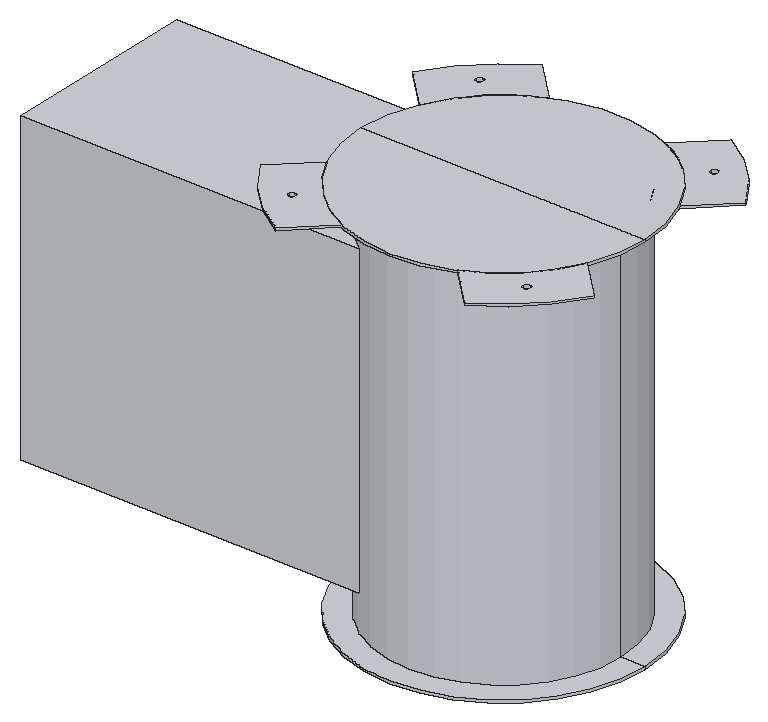
Revit family "VAHB_Upblast_Ceiling_Mount", category Mechanical Equipment, Revit 2019
Family settings
  Round Connector Dimension = Use Radius
  Part Type = Normal
  Work Plane-Based = No
  Always vertical = Yes
  Cut with Voids When Loaded = No
  Shared = No
  Room Calculation Point = No
Parameters (values of type "12_VAHB_UPBLAST_CEILING")
  Unit Weight [instance] = ""
  ModelID [instance] = ""
  L/2 = L / 2  # 0' - 6 3/32"
  J/2 = J / 2  # 0' - 8 5/8"
  J-A = J - A  # 0' - 5 1/4"
  J = 1' - 5 1/4"
  K/2 = K / 2  # 0' - 0 3/16"
  K = 0' - 0 3/8"
  L-(C/2) = L - (C / 2)  # 0' - 5 1/2"
  L = 1' - 0 3/16"
  H-(A/2) = H - (A / 2)  # 1' - 3"
  H+L = H + L  # 2' - 9 3/16"
  H = 1' - 9"
  Sones [instance] = ""
  Motor RPM [instance] = ""
  Motor Enclosure [instance] = ""
  LwA [instance] = ""
  G = 6' - 0"
  Fan RPM [instance] = ""
  F/2 = F / 2  # 0' - 0 5/32"
  F = 0' - 0 5/16"
  E/2 = E / 2  # 0' - 10"
  E-2" = E - 0' 2"  # 1' - 6"
  E-.125" = E - 0' 0 1/8"  # 1' - 7 7/8"
  E = 1' - 8"
  C/2+L = C / 2 + L  # 1' - 6 7/8"
  C/2 = C / 2  # 0' - 6 11/16"
  C = 1' - 1 3/8"
  B/2 = B / 2  # 0' - 7 3/8"
  B = 1' - 2 3/4"
  Accessories [instance] = ""
  A/3 = A / 2.5  # 0' - 4.8"
  A/2 = A / 2  # 0' - 6"
  A = 1' - 0"
  60 = 60.00°  # constant formula
  45 = 45.00°
  30 = 30.00°  # constant formula
  3" = 0' - 3"  # constant formula
  Brake Hp [instance] = ""
  4" = 0' - 4"  # constant formula
  2' = 2' - 0"
  2" = 0' - 2"  # constant formula
  1" = 0' - 1"  # constant formula
  0 = 0' - 0"  # constant formula
  Voltage [instance] = 0 V
  URL = "www.lorencook.com"
  Type Comments = "Fixed Pitch Vane Axial Upblast Ceiling Mount Belt Drive Arrangement 9"  # constant formula
  Static Pressure [instance] = 0.00 in-wg
  Power [instance] = Voltage * Motor FLA * sqrt(if(Phase = 3, 3, 1))  # 0 VA
  Phase [instance] = 0
  Number of Poles [instance] = 1
  Motor Hp [instance] = "0"
  Motor FLA [instance] = 0 A
  Model = "VAHB"  # constant formula
  Manufacturer = "Loren Cook Company"
  CFM [instance] = 0 CFM
  1.5 = 0' - 1 1/2"  # constant formula
  ONE EIGTH = 0' - 0 1/8"  # constant formula
  -E/2 = -E / 2  # -0' - 10"
  -(E-.25")/2 = -(E - 0' 0 1/4") / 2  # -0' - 9 7/8"
  (L/2)-1" = (L / 2) - 0' 1"  # 0' - 5 3/32"
  (J-A)/2 = (J - A) / 2  # 0' - 2 5/8"
  (J+(J-A))/2 = (J + (J / 2 - A / 2)) / 2  # 0' - 9 15/16"
  (H-(A/2))/2 = (H - (A / 2)) / 2  # 0' - 7 1/2"
  (E-.25")/2 = (E - 0' 0 1/4") / 2  # 0' - 9 7/8"
  (A+.25")/2 = (A + 0' 0 1/4") / 2  # 0' - 6 1/8"
Types (12): name | L/2 | J/2 | J-A | J | K/2 | K | L-(C/2) | L | H-(A/2) | H+L | H | G | F/2 | F | E/2 | E-2" | E-.125" | E | C/2+L | C/2 | C | B/2 | B | A/3 | A/2 | A | -E/2 | -(E-.25")/2 | (L/2)-1" | (J-A)/2 | (J+(J-A))/2 | (H-(A/2))/2 | (E-.25")/2 | (A+.25")/2
  (no name) | 0' - 6 3/32" | 0' - 8 5/8" | 0' - 5 1/4" | 1' - 5 1/4" | 0' - 0 3/16" | 0' - 0 3/8" | 0' - 5 1/2" | 1' - 0 3/16" | 1' - 3" | 2' - 9 3/16" | 1' - 9" | 6' - 0" | 0' - 0 5/32" | 0' - 0 5/16" | 0' - 10" | 1' - 6" | 1' - 7 7/8" | 1' - 8" | 1' - 6 7/8" | 0' - 6 11/16" | 1' - 1 3/8" | 0' - 7 3/8" | 1' - 2 3/4" | 0' - 4.8" | 0' - 6" | 1' - 0" | -0' - 10" | -0' - 9 7/8" | 0' - 5 3/32" | 0' - 2 5/8" | 0' - 9 15/16" | 0' - 7 1/2" | 0' - 9 7/8" | 0' - 6 1/8"
  12_VAHB_UPBLAST_CEILING | 0' - 6 3/32" | 0' - 8 5/8" | 0' - 5 1/4" | 1' - 5 1/4" | 0' - 0 3/16" | 0' - 0 3/8" | 0' - 5 1/2" | 1' - 0 3/16" | 1' - 3" | 2' - 9 3/16" | 1' - 9" | 6' - 0" | 0' - 0 5/32" | 0' - 0 5/16" | 0' - 10" | 1' - 6" | 1' - 7 7/8" | 1' - 8" | 1' - 6 7/8" | 0' - 6 11/16" | 1' - 1 3/8" | 0' - 7 3/8" | 1' - 2 3/4" | 0' - 4.8" | 0' - 6" | 1' - 0" | -0' - 10" | -0' - 9 7/8" | 0' - 5 3/32" | 0' - 2 5/8" | 0' - 9 15/16" | 0' - 7 1/2" | 0' - 9 7/8" | 0' - 6 1/8"
  14_VAHB_UPBLAST_CEILING | 0' - 6 13/16" | 0' - 9 5/8" | 0' - 5 1/4" | 1' - 7 1/4" | 0' - 0 3/16" | 0' - 0 3/8" | 0' - 5 7/8" | 1' - 1 5/8" | 1' - 5" | 3' - 1 5/8" | 2' - 0" | 6' - 0" | 0' - 0 5/32" | 0' - 0 5/16" | 0' - 11 1/2" | 1' - 9" | 1' - 10 7/8" | 1' - 11" | 1' - 9 3/8" | 0' - 7 3/4" | 1' - 3 1/2" | 0' - 8 3/8" | 1' - 4 3/4" | 0' - 5.6" | 0' - 7" | 1' - 2" | -0' - 11 1/2" | -0' - 11 3/8" | 0' - 5 13/16" | 0' - 2 5/8" | 0' - 10 15/16" | 0' - 8 1/2" | 0' - 11 3/8" | 0' - 7 1/8"
  18_VAHB_UPBLAST_CEILING | 0' - 8 7/32" | 0' - 11 5/8" | 0' - 5 1/4" | 1' - 11 1/4" | 0' - 0 3/16" | 0' - 0 3/8" | 0' - 6 9/16" | 1' - 4 7/16" | 1' - 6 1/4" | 3' - 7 11/16" | 2' - 3 1/4" | 12' - 0" | 0' - 0 7/32" | 0' - 0 7/16" | 1' - 2 1/2" | 2' - 3" | 2' - 4 7/8" | 2' - 5" | 2' - 2 5/16" | 0' - 9 7/8" | 1' - 7 3/4" | 0' - 10 5/8" | 1' - 9 1/4" | 0' - 7.2" | 0' - 9" | 1' - 6" | -1' - 2 1/2" | -1' - 2 3/8" | 0' - 7 7/32" | 0' - 2 5/8" | 1' - 0 15/16" | 0' - 9 1/8" | 1' - 2 3/8" | 0' - 9 1/8"
  21_VAHB_UPBLAST_CEILING | 0' - 9 9/32" | 1' - 1 1/8" | 0' - 5 1/4" | 2' - 2 1/4" | 0' - 0 3/16" | 0' - 0 3/8" | 0' - 7 3/16" | 1' - 6 9/16" | 1' - 9" | 4' - 2 1/16" | 2' - 7 1/2" | 12' - 0" | 0' - 0 7/32" | 0' - 0 7/16" | 1' - 3 1/2" | 2' - 5" | 2' - 6 7/8" | 2' - 7" | 2' - 5 15/16" | 0' - 11 3/8" | 1' - 10 3/4" | 1' - 0 1/8" | 2' - 0 1/4" | 0' - 8.4" | 0' - 10 1/2" | 1' - 9" | -1' - 3 1/2" | -1' - 3 3/8" | 0' - 8 9/32" | 0' - 2 5/8" | 1' - 2 7/16" | 0' - 10 1/2" | 1' - 3 3/8" | 0' - 10 5/8"
  26_VAHB_UPBLAST_CEILING | 0' - 11 3/32" | 1' - 3 11/16" | 0' - 5 3/8" | 2' - 7 3/8" | 0' - 0 3/16" | 0' - 0 3/8" | 0' - 8 3/16" | 1' - 10 3/16" | 1' - 9 1/2" | 4' - 8 11/16" | 2' - 10 1/2" | 12' - 0" | 0' - 0 7/32" | 0' - 0 7/16" | 1' - 4" | 2' - 6" | 2' - 7 7/8" | 2' - 8" | 3' - 0 3/16" | 1' - 2" | 2' - 4" | 1' - 3 5/32" | 2' - 6 5/16" | 0' - 10.4" | 1' - 1" | 2' - 2" | -1' - 4" | -1' - 3 7/8" | 0' - 10 3/32" | 0' - 2 11/16" | 1' - 5 1/32" | 0' - 10 3/4" | 1' - 3 7/8" | 1' - 1 1/8"
  29_VAHB_UPBLAST_CEILING | 1' - 0 1/2" | 1' - 5 11/16" | 0' - 6 3/8" | 2' - 11 3/8" | 0' - 0 7/32" | 0' - 0 7/16" | 0' - 9 1/2" | 2' - 1" | 2' - 2" | 5' - 5 1/2" | 3' - 4 1/2" | 12' - 0" | 0' - 0 7/32" | 0' - 0 7/16" | 1' - 6" | 2' - 10" | 2' - 11 7/8" | 3' - 0" | 3' - 4 1/2" | 1' - 3 1/2" | 2' - 7" | 1' - 4 21/32" | 2' - 9 5/16" | 0' - 11.6" | 1' - 2 1/2" | 2' - 5" | -1' - 6" | -1' - 5 7/8" | 0' - 11 1/2" | 0' - 3 3/16" | 1' - 7 9/32" | 1' - 1" | 1' - 5 7/8" | 1' - 2 5/8"
  36_VAHB_UPBLAST_CEILING | 1' - 3 11/32" | 1' - 9 11/16" | 0' - 7 3/8" | 3' - 7 3/8" | 0' - 0 7/32" | 0' - 0 7/16" | 0' - 11 11/16" | 2' - 6 11/16" | 2' - 3 1/2" | 6' - 4 3/16" | 3' - 9 1/2" | 16' - 0" | 0' - 0 9/32" | 0' - 0 9/16" | 1' - 9" | 3' - 4" | 3' - 5 7/8" | 3' - 6" | 4' - 1 11/16" | 1' - 7" | 3' - 2" | 1' - 8 5/32" | 3' - 4 5/16" | 1' - 2.4" | 1' - 6" | 3' - 0" | -1' - 9" | -1' - 8 7/8" | 1' - 2 11/32" | 0' - 3 11/16" | 1' - 11 17/32" | 1' - 1 3/4" | 1' - 8 7/8" | 1' - 6 1/8"
  42_VAHB_UPBLAST_CEILING | 1' - 5 3/32" | 2' - 0 3/16" | 0' - 6 3/8" | 4' - 0 3/8" | 0' - 0 7/32" | 0' - 0 7/16" | 1' - 0" | 2' - 10 3/16" | 2' - 5 1/2" | 7' - 0 11/16" | 4' - 2 1/2" | 16' - 0" | 0' - 0 9/32" | 0' - 0 9/16" | 2' - 1" | 4' - 0" | 4' - 1 7/8" | 4' - 2" | 4' - 8 3/8" | 1' - 10 3/16" | 3' - 8 3/8" | 1' - 10 21/32" | 3' - 9 5/16" | 1' - 4.8" | 1' - 9" | 3' - 6" | -2' - 1" | -2' - 0 7/8" | 1' - 4 3/32" | 0' - 3 3/16" | 2' - 1 25/32" | 1' - 2 3/4" | 2' - 0 7/8" | 1' - 9 1/8"
  48_VAHB_UPBLAST_CEILING | 1' - 7 15/16" | 2' - 4 3/16" | 0' - 8 3/8" | 4' - 8 3/8" | 0' - 0 7/32" | 0' - 0 7/16" | 1' - 2 5/8" | 3' - 3 7/8" | 2' - 6" | 7' - 9 7/8" | 4' - 6" | 16' - 0" | 0' - 0 9/32" | 0' - 0 9/16" | 2' - 4" | 4' - 6" | 4' - 7 7/8" | 4' - 8" | 5' - 5 1/8" | 2' - 1 1/4" | 4' - 2 1/2" | 2' - 2 19/32" | 4' - 5 3/16" | 1' - 7.2" | 2' - 0" | 4' - 0" | -2' - 4" | -2' - 3 7/8" | 1' - 6 15/16" | 0' - 4 3/16" | 2' - 6 9/32" | 1' - 3" | 2' - 3 7/8" | 2' - 0 1/8"
  54_VAHB_UPBLAST_CEILING | 1' - 10 3/32" | 2' - 7 1/4" | 0' - 8 1/2" | 5' - 2 1/2" | 0' - 0 7/32" | 0' - 0 7/16" | 1' - 3 15/16" | 3' - 8 3/16" | 2' - 8 1/2" | 8' - 7 11/16" | 4' - 11 1/2" | 16' - 0" | 0' - 0 9/32" | 0' - 0 9/16" | 2' - 7" | 5' - 0" | 5' - 1 7/8" | 5' - 2" | 6' - 0 7/16" | 2' - 4 1/4" | 4' - 8 1/2" | 2' - 5 23/32" | 4' - 11 7/16" | 1' - 9.6" | 2' - 3" | 4' - 6" | -2' - 7" | -2' - 6 7/8" | 1' - 9 3/32" | 0' - 4 1/4" | 2' - 9 3/8" | 1' - 4 1/4" | 2' - 6 7/8" | 2' - 3 1/8"
  60_VAHB_UPBLAST_CEILING | 2' - 0 7/32" | 2' - 10 1/4" | 0' - 8 1/2" | 5' - 8 1/2" | 0' - 0 7/32" | 0' - 0 7/16" | 1' - 4 13/16" | 4' - 0 7/16" | 2' - 11" | 9' - 5 7/16" | 5' - 5" | 16' - 0" | 0' - 0 9/32" | 0' - 0 9/16" | 2' - 10 1/2" | 5' - 7" | 5' - 8 7/8" | 5' - 9" | 6' - 8 1/16" | 2' - 7 5/8" | 5' - 3 1/4" | 2' - 8 23/32" | 5' - 5 7/16" | 2' - 0" | 2' - 6" | 5' - 0" | -2' - 10 1/2" | -2' - 10 3/8" | 1' - 11 7/32" | 0' - 4 1/4" | 3' - 0 3/8" | 1' - 5 1/2" | 2' - 10 3/8" | 2' - 6 1/8"
Reference planes (in)
  plane 1 "Center (Front/Back)": y = 0
  plane 2: z = 0
  plane 3 "Center (Left/Right)": x = 0.40541
Forms (in)
  Revolve 1, solid
    sketch origin (0, 0, 0) x (1, 0, 0) y (0, 0, 1)
      loop
        line (0.40541, 0) -> (7.78041, 0) -> (7.78041, 0.125) -> (6.53041, 0.125) -> (6.53041, 19.875) -> (7.78041, 19.875) -> (7.78041, 20) -> (0.40541, 20) -> (0.40541, 0)
      axis (0.40541, 20) -> (0.40541, 0)
    angle from 0 to 360
  Extrusion 2, solid
    sketch origin (0, 0, 0) x (1, 0, 0) y (0, 1, 0)
      loop
        line (-2.99596, 5.09375) -> (-20.59459, 5.09375) -> (-20.59459, -5.09375) -> (-2.99596, -5.09375)
        arc (-2.99596, -5.09375) -> (-5.71959, 0) -> (-2.99596, 5.09375) r 6.125
    from 2 to 18 <- "E-2""
  Extrusion 3, solid
    sketch origin (0, 0, 0) x (1, 0, 0) y (0, 1, 0)
      loop
        line (-2.61183, 6.72955) -> (-4.51572, 8.63344)
        arc (-4.51572, 8.63344) -> (-6.62146, 7.02687) -> (-8.22803, 4.92113) r 9.9375
        line (-8.22803, 4.92113) -> (-6.32414, 3.01724)
        arc (-6.32414, 3.01724) -> (-4.8095, 5.21491) -> (-2.61183, 6.72955) r 7.375
      loop
        arc (3.42265, 6.72955) -> (5.62032, 5.21491) -> (7.13496, 3.01724) r 7.375
        line (7.13496, 3.01724) -> (9.03886, 4.92113)
        arc (9.03886, 4.92113) -> (7.43229, 7.02687) -> (5.32655, 8.63344) r 9.9375
        line (5.32655, 8.63344) -> (3.42265, 6.72955)
      loop
        line (3.42265, -6.72955) -> (5.32655, -8.63344)
        arc (5.32655, -8.63344) -> (7.43229, -7.02687) -> (9.03886, -4.92113) r 9.9375
        line (9.03886, -4.92113) -> (7.13496, -3.01724)
        arc (7.13496, -3.01724) -> (5.62032, -5.21491) -> (3.42265, -6.72955) r 7.375
      loop
        arc (-2.61183, -6.72955) -> (-4.8095, -5.21491) -> (-6.32414, -3.01724) r 7.375
        line (-6.32414, -3.01724) -> (-8.22803, -4.92113)
        arc (-8.22803, -4.92113) -> (-6.62146, -7.02687) -> (-4.51572, -8.63344) r 9.9375
        line (-4.51572, -8.63344) -> (-2.61183, -6.72955)
    from 19.875 <- "E-.125"" to 20 <- "E"
  Extrusion 4, void
    sketch origin (0, 0, 0) x (1, 0, 0) y (0, 1, 0)
      loop
        circle (6.49916, 6.09375) r 0.1875
      loop
        circle (-5.68834, 6.09375) r 0.1875
      loop
        circle (-5.68834, -6.09375) r 0.1875
      loop
        circle (6.49916, -6.09375) r 0.1875
    from 0 to 20 <- "E"
Cuts and joins
  Extrusion 4 cuts Revolve 1
  Extrusion 4 cuts Extrusion 2
  Extrusion 4 cuts Extrusion 3
Dimensions and locks (in)
  "0": Revolve 1 sketch curve to plane 3 "Center (Left/Right)"  (x2)
  "E": Revolve 1 sketch curve to Revolve 1 sketch curve
  "0": Revolve 1 sketch curve to level
  "ONE EIGTH": Revolve 1 sketch curve to Revolve 1 sketch curve  (x2)
  "(A+.25")/2": Revolve 1 sketch curve to Revolve 1 sketch curve
  "B/2": Revolve 1 sketch curve to Revolve 1 sketch curve  (x2)
  "(L/2)-1"": plane 1 "Center (Front/Back)" to Extrusion 2 sketch curve
  "(L/2)-1"": Extrusion 2 sketch curve to plane 1 "Center (Front/Back)"
  "H": Extrusion 2 sketch curve to plane 3 "Center (Left/Right)"
  "0": Extrusion 2 sketch curve to plane 3 "Center (Left/Right)"
  "0": Extrusion 2 sketch curve to plane 1 "Center (Front/Back)"
  "(J-A)/2": plane 3 "Center (Left/Right)" to Extrusion 3 sketch curve  (x4)
  "(J-A)/2": Extrusion 3 sketch curve to plane 3 "Center (Left/Right)"  (x3)
  "0": Extrusion 3 sketch curve to plane 3 "Center (Left/Right)"  (x6)
  "0": Extrusion 3 sketch curve to plane 1 "Center (Front/Back)"  (x7)
  "0": plane 1 "Center (Front/Back)" to Extrusion 3 sketch curve
  "0": plane 3 "Center (Left/Right)" to Extrusion 3 sketch curve  (x2)
  "J-A": Extrusion 3 sketch curve to Extrusion 3 sketch curve
  "L/2": plane 3 "Center (Left/Right)" to Extrusion 4 sketch curve  (x4)
  "L/2": plane 1 "Center (Front/Back)" to Extrusion 4 sketch curve  (x4)
  "(A+.25")/2": radius of Extrusion 2 sketch curve
  "B/2": radius of Extrusion 3 sketch curve  (x4)
  "(J+(J-A))/2": radius of Extrusion 3 sketch curve  (x4)
  "K/2": radius of Extrusion 4 sketch curve  (x4)
  "45": angle plane 3 "Center (Left/Right)" to Extrusion 3 sketch curve  (x2)
  "45": angle Extrusion 3 sketch curve to plane 1 "Center (Front/Back)"  (x2)
  "45": angle Extrusion 3 sketch curve to plane 3 "Center (Left/Right)"  (x2)
  "45": angle plane 1 "Center (Front/Back)" to Extrusion 3 sketch curve  (x2)
Automatic sketch dimensions
  Revolve 1 sketch curve to level = 0' - 0"
  Revolve 1 sketch curve to Revolve 1 sketch curve = 1' - 0"
  Extrusion 2 sketch curve to Extrusion 2 sketch curve = 0' - 0"
Connectors (in)
  electrical at (-11.79527, -5.09375, 10)
    settings: on cut or joined group of Extrusion 2, Extrusion 4, index 1, voltage 0 V, apparent load 0 VA, apparent load phase1 0 VA, apparent load phase2 0 VA, apparent load phase3 0 VA, power factor 1, load classification "Other", number of poles 1, system type 14, power factor state 1, is connector primary yes, connector utility no, sub classification motor no, connector description ""
  hvac at (0.40541, 0, 20), driven by "A/2"
    settings: on cut or joined group of Revolve 1, Extrusion 4, index 2, duct flow 0 CFM, flow factor 0, pres drop 0.00 in-wg, loss coef 0, conn angle 0.00°, conn width 12", conn height 12", conn diameter 12", duct sys type 29, conn prof type 0, flow config 0, flow direction 2, loss method 0, conn ref index -1, conn util no, is conn primary yes, conn desc ""
  hvac at (0.40541, 0, 0.125), driven by "A/2"
    settings: on cut or joined group of Revolve 1, Extrusion 4, index 3, duct flow 0 CFM, flow factor 0, pres drop 0.00 in-wg, loss coef 0, conn angle 0.00°, conn width 12", conn height 12", conn diameter 12", duct sys type 29, conn prof type 0, flow config 0, flow direction 1, loss method 0, conn ref index -1, conn util no, is conn primary no, conn desc ""
